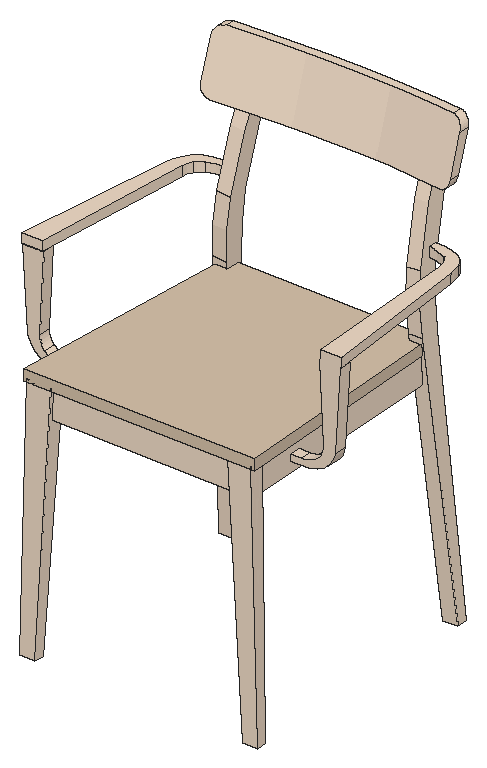
Revit family "FU_Chair_Sandler_Inga 2-2", category Furniture, Revit 2020
Family settings
  OmniClass Number = 23.40.20.00
  OmniClass Title = General Furniture and Specialties
  Work Plane-Based = No
  Always vertical = Yes
  Cut with Voids When Loaded = No
  Shared = No
  Room Calculation Point = No
Parameters (values of type "Inga 2.2")
  Width = 465 mm
  URL = "https://www.sandlerseating.com/product/inga-2-2/"
  Seat = Wood - Stain - Natural Oak
  Model = "Inga 2.2"
  Manufacturer = "Sandler"
  Height = 850 mm
  Frame = Wood - Stain - Natural
  Description = "Stackable armchair with solid beech seat, back and frame."
  Depth = 505 mm
  Default Elevation = 0 mm
Reference planes
  plane 1 "Center (Front/Back)": y = 0
  plane 2: z = 0
  plane 3 "Center (Left/Right)": x = 0
  plane 4 "Right": x = -232.5
  plane 5 "Left": x = 232.5
  plane 6 "Back": y = 252.5
  plane 7 "Front": y = -252.5
  plane 8 "Height": z = 850
  plane 9 "Seat height": z = 480
  plane 10 "BR L Angle Front": through (-170.406, -1524, 798.107) normal (0.9986, 0, -0.0525)
  plane 11 "Frame Height": z = 464.829
  plane 12: x = -297.5
  plane 13: x = 297.5
  plane 14 "Arm Height": z = 634.249
  plane 15 "arm front": y = -152.936
Forms (mm)
  Extrusion 1, solid, material "Wood - Stain - Natural" <- "Frame"
    sketch origin (-211.773, 0, 11.254) x (0.052501, 0, 0.998621) y (0, -1, 0)
      loop
        line (-11.17, -211.485) -> (-11.17, -231.113) -> (480.792, -196.712)
        arc (480.792, -196.712) -> (535.769, -194.943) -> (590.586, -199.497) r 478.313
        arc (590.586, -199.497) -> (681.592, -217.224) -> (770.268, -244.297) r 892.578
        arc (770.268, -244.297) -> (782.45, -242.471) -> (787.563, -231.264) r 12.917
        arc (787.563, -231.264) -> (691.299, -191.886) -> (590.509, -166.224) r 748.904
        arc (590.509, -166.224) -> (535.595, -160.79) -> (480.526, -164.305) r 340.245
        line (480.526, -164.305) -> (-11.17, -211.485)
    from -9.615 to 16.927
  Extrusion 2, solid, material "Wood - Stain - Natural" <- "Frame"
    sketch origin (211.773, 0, 11.254) x (-0.052501, 0, 0.998621) y (0, 1, 0)
      loop
        line (-11.17, 211.485) -> (480.526, 164.305)
        arc (480.526, 164.305) -> (535.595, 160.79) -> (590.509, 166.224) r 340.245
        arc (590.509, 166.224) -> (691.299, 191.886) -> (787.563, 231.264) r 748.904
        arc (787.563, 231.264) -> (782.45, 242.471) -> (770.268, 244.297) r 12.917
        arc (770.268, 244.297) -> (681.592, 217.224) -> (590.586, 199.497) r 892.578
        arc (590.586, 199.497) -> (535.769, 194.943) -> (480.792, 196.712) r 478.313
        line (480.792, 196.712) -> (-11.17, 231.113) -> (-11.17, 211.485)
    from -9.615 to 16.927
  Blend 3, solid, material "Wood - Stain - Natural" <- "Frame"
    base sketch origin (0, 0, 0) x (1, 0, 0) y (0, 1, 0)
      loop
        line (-222.143, -252.5) -> (-194.143, -252.5) -> (-192.581, -235) -> (-220.581, -235) -> (-222.143, -252.5)
    top sketch origin (0, 0, 0) x (1, 0, 0) y (0, 1, 0)
      loop
        line (-208.793, -252.5) -> (-165.202, -252.5) -> (-163.672, -225.762) -> (-207.263, -225.762) -> (-208.793, -252.5)
    from 0 to 464.829
  Blend 4, solid, material "Wood - Stain - Natural" <- "Frame"
    base sketch origin (0, 0, 0) x (-1, 0, 0) y (0, -1, 0)
      loop
        line (-222.143, 252.5) -> (-220.581, 235) -> (-192.581, 235) -> (-194.143, 252.5) -> (-222.143, 252.5)
    top sketch origin (0, 0, 0) x (-1, 0, 0) y (0, -1, 0)
      loop
        line (-208.793, 252.5) -> (-207.263, 225.762) -> (-163.672, 225.762) -> (-165.202, 252.5) -> (-208.793, 252.5)
    from 0 to 464.829
  Extrusion 5, solid, material "Wood - Stain - Natural" <- "Frame"
    sketch origin (0, 0, 464.829) x (-1, 0, 0) y (0, -1, 0)
      loop
        line (205.371, 246.484) -> (-205.371, 246.484) -> (-187.14, -189.895) -> (187.14, -189.895) -> (205.371, 246.484)
      loop
        line (-187.207, 232.22) -> (-170.168, -175.631) -> (170.168, -175.631) -> (187.207, 232.22) -> (-187.207, 232.22)
    from -56.316 to 0
  Sweep 6, solid, material "Wood - Stain - Natural" <- "Frame"
    path origin (0, 0, 0) x (0, 1, 0) y (0, 0, 1)
      loop
        line (215.898, 721.402) -> (256.979, 850)
    profile "Pro_Inga_Back : Pro_Inga_Back" origin (0, 236.438, 785.701) x (0, -0.952575, 0.304305) y (1, 0, 0)
      loop
        arc (30.116, 241.175) -> (0, -0.038) -> (30.717, -241.175) r 971.366
        line (30.717, -241.175) -> (45.91, -241.175)
        arc (45.91, -241.175) -> (14.46, 0.005) -> (45.984, 241.175) r 939.367
        line (45.984, 241.175) -> (30.116, 241.175)
  Extrusion 7, void
    sketch origin (0, 0, 0) x (1, 0, 0) y (0, 0, 1)
      loop
        arc (210.726, 850.67) -> (-0.03, 841.01) -> (-210.837, 849.498) r 2452.694
        arc (-210.837, 849.498) -> (-226.041, 844.286) -> (-232.5, 829.568) r 20
        line (-232.5, 829.568) -> (-232.5, 759.709)
        arc (-232.5, 759.709) -> (-227.228, 746.178) -> (-214.191, 739.78) r 20
        arc (-214.191, 739.78) -> (0.083, 731.011) -> (214.303, 740.992) r 2452.694
        arc (214.303, 740.992) -> (227.266, 747.421) -> (232.5, 760.91) r 20
        line (232.5, 760.91) -> (232.5, 830.749)
        arc (232.5, 830.749) -> (226, 845.505) -> (210.726, 850.67) r 20
      loop
        line (-261.767, 883.137) -> (-261.767, 708.137) -> (258.233, 708.137) -> (258.233, 883.137) -> (-261.767, 883.137)
    from -262.214 to -161.753
  Extrusion 8, solid, material "Wood - Stain - Natural" <- "Frame"
    sketch origin (0, 0, 634.249) x (-1, 0, 0) y (0, -1, 0)
      loop
        line (-258.681, 152.936) -> (-297.5, 152.936) -> (-265.625, -141.257)
        arc (-265.625, -141.257) -> (-263.246, -154.622) -> (-259.071, -167.539) r 99.55
        arc (-259.071, -167.539) -> (-250.025, -181.605) -> (-236.394, -191.295) r 44.127
        arc (-236.394, -191.295) -> (-213.584, -198.742) -> (-189.69, -200.946) r 107.561
        line (-189.69, -200.946) -> (-189.69, -185.85)
        arc (-189.69, -185.85) -> (-206.459, -183.339) -> (-222.442, -177.679) r 88.584
        arc (-222.442, -177.679) -> (-229.589, -172.891) -> (-234.947, -166.161) r 28.023
        arc (-234.947, -166.161) -> (-238.414, -156.757) -> (-240.003, -146.862) r 51.741
        line (-240.003, -146.862) -> (-258.681, 152.936)
    from -17 to 0
  Extrusion 9, solid, material "Wood - Stain - Natural" <- "Frame"
    sketch origin (0, -152.936, 0) x (-1, 0, 0) y (0, 0, 1)
      loop
        line (-257.647, 617.249) -> (-296.362, 617.249) -> (-286.988, 471.434)
        arc (-286.988, 471.434) -> (-280.3, 453.798) -> (-266.83, 440.597) r 43.897
        arc (-266.83, 440.597) -> (-244.849, 431.096) -> (-221.038, 428.553) r 79.704
        line (-221.038, 428.553) -> (-194.967, 428.553) -> (-194.967, 440.864) -> (-221.579, 440.864)
        arc (-221.579, 440.864) -> (-239.316, 443.436) -> (-254.871, 452.338) r 47.974
        arc (-254.871, 452.338) -> (-262.677, 462.948) -> (-264.994, 475.914) r 29.042
        line (-264.994, 475.914) -> (-257.647, 617.249)
    from 0 to 21.041
  Extrusion 10, solid, material "Wood - Stain - Natural" <- "Frame"
    sketch origin (0, 0, 634.249) x (1, 0, 0) y (0, 1, 0)
      loop
        line (-258.681, -152.936) -> (-240.003, 146.862)
        arc (-240.003, 146.862) -> (-238.414, 156.757) -> (-234.947, 166.161) r 51.741
        arc (-234.947, 166.161) -> (-229.589, 172.891) -> (-222.442, 177.679) r 28.023
        arc (-222.442, 177.679) -> (-206.459, 183.339) -> (-189.69, 185.85) r 88.584
        line (-189.69, 185.85) -> (-189.69, 200.946)
        arc (-189.69, 200.946) -> (-213.584, 198.742) -> (-236.394, 191.295) r 107.561
        arc (-236.394, 191.295) -> (-250.025, 181.605) -> (-259.071, 167.539) r 44.127
        arc (-259.071, 167.539) -> (-263.246, 154.622) -> (-265.625, 141.257) r 99.55
        line (-265.625, 141.257) -> (-297.5, -152.936) -> (-258.681, -152.936)
    from -17 to 0
  Extrusion 11, solid, material "Wood - Stain - Natural" <- "Frame"
    sketch origin (0, -152.936, 0) x (1, 0, 0) y (0, 0, -1)
      loop
        line (-257.647, -617.249) -> (-264.994, -475.914)
        arc (-264.994, -475.914) -> (-262.677, -462.948) -> (-254.871, -452.338) r 29.042
        arc (-254.871, -452.338) -> (-239.316, -443.436) -> (-221.579, -440.864) r 47.974
        line (-221.579, -440.864) -> (-194.967, -440.864) -> (-194.967, -428.553) -> (-221.038, -428.553)
        arc (-221.038, -428.553) -> (-244.849, -431.096) -> (-266.83, -440.597) r 79.704
        arc (-266.83, -440.597) -> (-280.3, -453.798) -> (-286.988, -471.434) r 43.897
        line (-286.988, -471.434) -> (-296.362, -617.249) -> (-257.647, -617.249)
    from 0 to 21.041
  Extrusion 12, solid, material "Wood - Stain - Natural Oak" <- "Seat"
    sketch origin (0, 0, 480) x (-1, 0, 0) y (0, -1, 0)
      loop
        line (215, 252.5) -> (-215, 252.5) -> (-190, -189.895) -> (190, -189.895) -> (215, 252.5)
    from -20 to 0
Cuts and joins
  Extrusion 7 cuts Sweep 6
  joined: Extrusion 8, Extrusion 9
Dimensions and locks
  equal spacing: plane 4 "Right", plane 3 "Center (Left/Right)", plane 5 "Left"
  "Width": plane 4 "Right" to plane 5 "Left"
  equal spacing: plane 6 "Back", plane 1 "Center (Front/Back)", plane 7 "Front"
  "Depth": plane 6 "Back" to plane 7 "Front"
  "Height": plane 8 "Height" to level
  plane 9 "Seat height" to level = 480 mm
  equal spacing: plane 12, plane 3 "Center (Left/Right)", plane 13
  plane 12 to plane 13 = 595 mm
  plane 14 "Arm Height" to level = 634.249 mm
  aligned and locked: level to plane 2
  aligned and locked: plane 11 "Frame Height" to Extrusion 5
Automatic sketch dimensions
  Extrusion 1 sketch curve to plane 6 "Back" = 41.015 mm
  Extrusion 1 sketch curve to Extrusion 1 sketch curve = 467.74 mm
  Extrusion 1 sketch curve to Extrusion 1 sketch curve = 9.088 mm
  Extrusion 1 sketch curve to plane 6 "Back" = 88.195 mm
  Extrusion 1 sketch curve to Extrusion 1 sketch curve = 491.695 mm
  Extrusion 1 sketch curve to plane 6 "Back" = 55.788 mm
  Extrusion 1 sketch curve to Extrusion 1 sketch curve = 0.267 mm
  Extrusion 1 sketch curve to Extrusion 1 sketch curve = 67.07 mm
  Extrusion 1 sketch curve to Extrusion 1 sketch curve = 6.017 mm
  Extrusion 1 sketch curve to plane 6 "Back" = 20.345 mm
  Extrusion 1 sketch curve to Extrusion 1 sketch curve = 293.884 mm
  plane 6 "Back" to Extrusion 1 sketch curve = 248.484 mm
  Extrusion 1 sketch curve to Extrusion 1 sketch curve = 172.118 mm
  Extrusion 1 sketch curve to Extrusion 1 sketch curve = 229.952 mm
  Extrusion 1 sketch curve to Extrusion 1 sketch curve = 180.235 mm
  Extrusion 1 sketch curve to Extrusion 1 sketch curve = 19.628 mm
  Extrusion 1 sketch curve to Extrusion 1 sketch curve = 0 mm  (x3)
  Extrusion 2 sketch curve to plane 6 "Back" = 41.015 mm
  Extrusion 2 sketch curve to Extrusion 2 sketch curve = 467.74 mm
  Extrusion 2 sketch curve to Extrusion 2 sketch curve = 9.088 mm
  Extrusion 2 sketch curve to plane 6 "Back" = 88.195 mm
  Extrusion 2 sketch curve to Extrusion 2 sketch curve = 491.695 mm
  Extrusion 2 sketch curve to plane 6 "Back" = 55.788 mm
  Extrusion 2 sketch curve to Extrusion 2 sketch curve = 0.267 mm
  Extrusion 2 sketch curve to Extrusion 2 sketch curve = 67.07 mm
  Extrusion 2 sketch curve to Extrusion 2 sketch curve = 6.017 mm
  Extrusion 2 sketch curve to plane 6 "Back" = 20.345 mm
  Extrusion 2 sketch curve to Extrusion 2 sketch curve = 293.884 mm
  Extrusion 2 sketch curve to Extrusion 2 sketch curve = 19.628 mm
  plane 6 "Back" to Extrusion 2 sketch curve = 248.484 mm
  Extrusion 2 sketch curve to Extrusion 2 sketch curve = 172.118 mm
  Extrusion 2 sketch curve to Extrusion 2 sketch curve = 229.952 mm
  Extrusion 2 sketch curve to Extrusion 2 sketch curve = 180.235 mm
  Extrusion 2 sketch curve to Extrusion 2 sketch curve = 0 mm  (x3)
  Blend 3 sketch curve to plane 7 "Front" = 0 mm  (x2)
  Blend 3 sketch curve to plane 4 "Right" = 10.357 mm
  Blend 3 sketch curve to plane 4 "Right" = 11.919 mm
  Blend 3 sketch curve to Blend 3 sketch curve = 28 mm
  plane 7 "Front" to Blend 3 sketch curve = 17.5 mm
  Blend 3 sketch curve to Blend 3 sketch curve = 1.563 mm
  Blend 3 sketch curve to plane 4 "Right" = 23.707 mm
  Blend 3 sketch curve to plane 4 "Right" = 25.237 mm
  Blend 3 sketch curve to Blend 3 sketch curve = 43.591 mm
  plane 7 "Front" to Blend 3 sketch curve = 26.738 mm
  Blend 3 sketch curve to Blend 3 sketch curve = 1.53 mm
  Blend 4 sketch curve to plane 7 "Front" = 0 mm  (x2)
  Blend 4 sketch curve to plane 5 "Left" = 10.357 mm
  Blend 4 sketch curve to plane 5 "Left" = 11.919 mm
  Blend 4 sketch curve to Blend 4 sketch curve = 28 mm
  Blend 4 sketch curve to plane 7 "Front" = 17.5 mm
  Blend 4 sketch curve to Blend 4 sketch curve = 1.563 mm
  Blend 4 sketch curve to plane 5 "Left" = 23.707 mm
  Blend 4 sketch curve to plane 5 "Left" = 25.237 mm
  Blend 4 sketch curve to Blend 4 sketch curve = 43.591 mm
  Blend 4 sketch curve to plane 7 "Front" = 26.738 mm
  Blend 4 sketch curve to Blend 4 sketch curve = 1.53 mm
  plane 7 "Front" to Extrusion 5 sketch curve = 6.016 mm
  plane 5 "Left" to Extrusion 5 sketch curve = 27.129 mm
  plane 7 "Front" to Extrusion 5 sketch curve = 20.28 mm
  Extrusion 5 sketch curve to Extrusion 5 sketch curve = 18.164 mm  (x2)
  plane 5 "Left" to Extrusion 5 sketch curve = 45.36 mm
  Extrusion 5 sketch curve to Extrusion 5 sketch curve = 16.972 mm  (x2)
  Extrusion 5 sketch curve to plane 4 "Right" = 62.332 mm
  Extrusion 5 sketch curve to plane 4 "Right" = 45.293 mm
  Extrusion 5 sketch curve to plane 6 "Back" = 76.869 mm
  Extrusion 5 sketch curve to Extrusion 5 sketch curve = 14.264 mm
  Sweep 6 sketch curve to plane 8 "Height" = 0 mm
  Sweep 6 sketch curve to plane 6 "Back" = 36.602 mm
  plane 6 "Back" to Sweep 6 sketch curve = 4.479 mm
  plane 14 "Arm Height" to Sweep 6 sketch curve = 87.154 mm
  plane 4 "Right" to Extrusion 7 sketch curve = 0 mm
  plane 5 "Left" to Extrusion 7 sketch curve = 0 mm
  plane 4 "Right" to Extrusion 7 sketch curve = 29.267 mm
  Extrusion 7 sketch curve to plane 4 "Right" = 20 mm  (x2)
  Extrusion 7 sketch curve to plane 3 "Center (Left/Right)" = 6.849 mm  (x2)
  Extrusion 7 sketch curve to Extrusion 7 sketch curve = 20 mm  (x2)
  Extrusion 7 sketch curve to plane 5 "Left" = 25.733 mm
  plane 14 "Arm Height" to Extrusion 7 sketch curve = 73.888 mm
  Extrusion 7 sketch curve to Extrusion 7 sketch curve = 51.572 mm
  Extrusion 7 sketch curve to Extrusion 7 sketch curve = 52.773 mm
  Extrusion 7 sketch curve to plane 8 "Height" = 20.432 mm
  Extrusion 7 sketch curve to plane 8 "Height" = 19.251 mm
  plane 8 "Height" to Extrusion 7 sketch curve = 33.137 mm
  Extrusion 7 sketch curve to Extrusion 7 sketch curve = 2300.558 mm
  Extrusion 7 sketch curve to Extrusion 7 sketch curve = 110 mm
  Extrusion 7 sketch curve to Extrusion 7 sketch curve = 0 mm  (x2)
  Extrusion 8 sketch curve to plane 13 = 0 mm
  Extrusion 8 sketch curve to plane 15 "arm front" = 0 mm
  plane 13 to Extrusion 8 sketch curve = 31.875 mm
  Extrusion 8 sketch curve to plane 5 "Left" = 26.181 mm
  Extrusion 8 sketch curve to plane 5 "Left" = 7.503 mm
  plane 5 "Left" to Extrusion 8 sketch curve = 14.394 mm
  Extrusion 8 sketch curve to Extrusion 8 sketch curve = 7.503 mm
  plane 5 "Left" to Extrusion 8 sketch curve = 40.684 mm
  plane 5 "Left" to Extrusion 8 sketch curve = 42.81 mm
  Extrusion 8 sketch curve to Extrusion 8 sketch curve = 22.241 mm
  Extrusion 8 sketch curve to Extrusion 8 sketch curve = 6.8 mm
  Extrusion 8 sketch curve to Extrusion 8 sketch curve = 21.708 mm
  Extrusion 8 sketch curve to plane 1 "Center (Front/Back)" = 93.406 mm
  Extrusion 8 sketch curve to Extrusion 8 sketch curve = 3.983 mm
  Extrusion 8 sketch curve to Extrusion 8 sketch curve = 33.145 mm
  Extrusion 8 sketch curve to Extrusion 8 sketch curve = 47.851 mm
  Extrusion 8 sketch curve to Extrusion 8 sketch curve = 13.11 mm
  Extrusion 8 sketch curve to Extrusion 8 sketch curve = 5.604 mm
  Extrusion 8 sketch curve to Extrusion 8 sketch curve = 4.275 mm
  Extrusion 8 sketch curve to Extrusion 8 sketch curve = 1.143 mm
  Extrusion 8 sketch curve to Extrusion 8 sketch curve = 33.571 mm
  Extrusion 8 sketch curve to Extrusion 8 sketch curve = 15.096 mm
  Extrusion 8 sketch curve to Extrusion 8 sketch curve = 0 mm
  Extrusion 8 sketch curve to plane 5 "Left" = 2.447 mm
  plane 13 to Extrusion 9 sketch curve = 1.138 mm
  plane 13 to Extrusion 9 sketch curve = 10.512 mm
  Extrusion 9 sketch curve to plane 9 "Seat height" = 4.086 mm
  Extrusion 9 sketch curve to Extrusion 9 sketch curve = 21.994 mm
  Extrusion 9 sketch curve to plane 5 "Left" = 25.147 mm
  Extrusion 9 sketch curve to plane 9 "Seat height" = 2.183 mm
  Extrusion 9 sketch curve to plane 5 "Left" = 11.058 mm
  Extrusion 9 sketch curve to plane 5 "Left" = 3.491 mm
  plane 5 "Left" to Extrusion 9 sketch curve = 7.925 mm
  plane 5 "Left" to Extrusion 9 sketch curve = 8.816 mm
  plane 5 "Left" to Extrusion 9 sketch curve = 10.921 mm
  plane 5 "Left" to Extrusion 9 sketch curve = 11.462 mm
  Extrusion 9 sketch curve to Extrusion 9 sketch curve = 26.071 mm
  Extrusion 9 sketch curve to plane 9 "Seat height" = 5.594 mm
  plane 11 "Frame Height" to Extrusion 9 sketch curve = 6.605 mm
  Extrusion 9 sketch curve to plane 11 "Frame Height" = 23.965 mm
  Extrusion 9 sketch curve to Extrusion 9 sketch curve = 12.311 mm
  plane 9 "Seat height" to Extrusion 9 sketch curve = 8.792 mm
  Extrusion 9 sketch curve to Extrusion 9 sketch curve = 19.386 mm
  Extrusion 9 sketch curve to plane 14 "Arm Height" = 17 mm
  Extrusion 10 sketch curve to plane 12 = 0 mm
  Extrusion 10 sketch curve to plane 15 "arm front" = 0 mm
  Extrusion 10 sketch curve to plane 12 = 31.875 mm
  Extrusion 10 sketch curve to plane 4 "Right" = 26.181 mm
  Extrusion 10 sketch curve to plane 4 "Right" = 7.503 mm
  plane 4 "Right" to Extrusion 10 sketch curve = 14.394 mm
  Extrusion 10 sketch curve to Extrusion 10 sketch curve = 7.503 mm
  plane 4 "Right" to Extrusion 10 sketch curve = 40.684 mm
  plane 4 "Right" to Extrusion 10 sketch curve = 42.81 mm
  Extrusion 10 sketch curve to Extrusion 10 sketch curve = 22.241 mm
  Extrusion 10 sketch curve to Extrusion 10 sketch curve = 6.8 mm
  Extrusion 10 sketch curve to Extrusion 10 sketch curve = 21.708 mm
  plane 1 "Center (Front/Back)" to Extrusion 10 sketch curve = 93.406 mm
  Extrusion 10 sketch curve to Extrusion 10 sketch curve = 3.983 mm
  Extrusion 10 sketch curve to Extrusion 10 sketch curve = 33.145 mm
  Extrusion 10 sketch curve to Extrusion 10 sketch curve = 47.851 mm
  Extrusion 10 sketch curve to Extrusion 10 sketch curve = 13.11 mm
  Extrusion 10 sketch curve to Extrusion 10 sketch curve = 5.604 mm
  Extrusion 10 sketch curve to Extrusion 10 sketch curve = 4.275 mm
  Extrusion 10 sketch curve to Extrusion 10 sketch curve = 1.143 mm
  Extrusion 10 sketch curve to Extrusion 10 sketch curve = 33.571 mm
  Extrusion 10 sketch curve to Extrusion 10 sketch curve = 15.096 mm
  Extrusion 10 sketch curve to Extrusion 10 sketch curve = 0 mm
  Extrusion 10 sketch curve to plane 4 "Right" = 2.447 mm
  Extrusion 11 sketch curve to plane 12 = 1.138 mm
  Extrusion 11 sketch curve to plane 12 = 10.512 mm
  plane 9 "Seat height" to Extrusion 11 sketch curve = 4.086 mm
  Extrusion 11 sketch curve to Extrusion 11 sketch curve = 21.994 mm
  Extrusion 11 sketch curve to plane 4 "Right" = 25.147 mm
  plane 9 "Seat height" to Extrusion 11 sketch curve = 2.183 mm
  Extrusion 11 sketch curve to plane 4 "Right" = 11.058 mm
  Extrusion 11 sketch curve to plane 4 "Right" = 3.491 mm
  plane 4 "Right" to Extrusion 11 sketch curve = 7.925 mm
  plane 4 "Right" to Extrusion 11 sketch curve = 8.816 mm
  plane 4 "Right" to Extrusion 11 sketch curve = 10.921 mm
  plane 4 "Right" to Extrusion 11 sketch curve = 11.462 mm
  Extrusion 11 sketch curve to Extrusion 11 sketch curve = 26.071 mm
  plane 9 "Seat height" to Extrusion 11 sketch curve = 5.594 mm
  Extrusion 11 sketch curve to plane 11 "Frame Height" = 6.605 mm
  plane 11 "Frame Height" to Extrusion 11 sketch curve = 23.965 mm
  Extrusion 11 sketch curve to Extrusion 11 sketch curve = 12.311 mm
  Extrusion 11 sketch curve to plane 9 "Seat height" = 8.792 mm
  Extrusion 11 sketch curve to Extrusion 11 sketch curve = 19.386 mm
  plane 14 "Arm Height" to Extrusion 11 sketch curve = 17 mm
  Extrusion 12 sketch curve to plane 7 "Front" = 0 mm
  plane 5 "Left" to Extrusion 12 sketch curve = 17.5 mm
  plane 5 "Left" to Extrusion 12 sketch curve = 42.5 mm
  Extrusion 12 sketch curve to plane 4 "Right" = 42.5 mm
  Extrusion 12 sketch curve to plane 4 "Right" = 17.5 mm
  Extrusion 12 sketch curve to plane 6 "Back" = 62.605 mm
